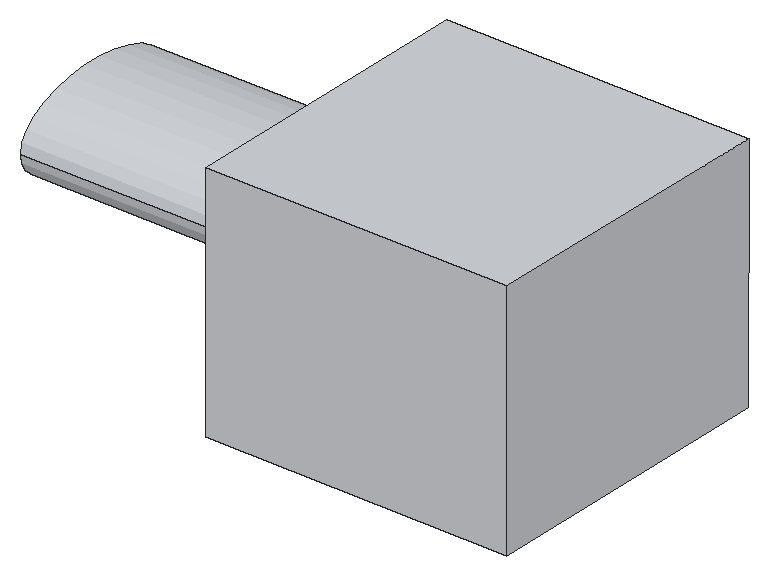
Revit family "DuctAccessories_FireDamper_Kilargo_IFD-CE1", category Duct Accessories, Revit 2014
Parameters
  SpigotWidth [instance] = 150 mm
  SpigotHeight [instance] = 75 mm
  DamperWidth [instance] = 250 mm
  SpigotOffsetVertical [instance] = 120 mm
  SpigotLength [instance] = 193.402 mm
  OffsetHelp2 [instance] = OffsetHelp1 - DamperOffsetVertical  # 850 mm
  OffsetHelp1 [instance] = 1000 mm
  DamperHeight = 200 mm
  DamperOffsetVertical [instance] = 150 mm
  DamperLength [instance] = 250 mm
Reference planes
  plane 1 "Center (Front/Back)": y = 0
  plane 2: z = 0
  plane 3 "Center (Left/Right)": x = 0
  plane 4: y = 125
  plane 5: y = -125
  plane 6: x = -125
  plane 7: x = 125
  plane 8 "Baseplane": z = 150
  plane 9: z = 270
  plane 10: x = -318.402
  plane 11: z = 1000
  plane 12 "Top": z = 350
Forms (mm)
  Extrusion 1, solid
    sketch origin (-382.705, -1524, 150) x (-1, 0, 0) y (0, -1, 0)
      loop
        line (-507.705, -1399) -> (-507.705, -1649) -> (-257.705, -1649) -> (-257.705, -1399) -> (-507.705, -1399)
    from 0 to 200
  Extrusion 2, solid
    sketch origin (0, 0, 0) x (0, 1, 0) y (0, 0, 1)
      loop
        spline (75, 270) -> (72.444, 279.706) -> (64.952, 288.75) -> (53.033, 296.517) -> (37.5, 302.476) -> (19.411, 306.222) -> (0, 307.5) -> (-19.411, 306.222) -> (-37.5, 302.476) -> (-53.033, 296.517) -> (-64.952, 288.75) -> (-72.444, 279.706) -> (-75, 270)
        spline (-75, 270) -> (-72.444, 260.294) -> (-64.952, 251.25) -> (-53.033, 243.483) -> (-37.5, 237.524) -> (-19.411, 233.778) -> (0, 232.5) -> (19.411, 233.778) -> (37.5, 237.524) -> (53.033, 243.483) -> (64.952, 251.25) -> (72.444, 260.294) -> (75, 270)
    from -318.402 to -125
Dimensions and locks
  equal spacing: plane 6, plane 3 "Center (Left/Right)", plane 7
  equal spacing: plane 4, plane 1 "Center (Front/Back)", plane 5
  "DamperWidth": plane 6 to plane 7
  "DamperLength": plane 4 to plane 5
  "SpigotLength": plane 10 to plane 6
  "SpigotOffsetVertical": plane 9 to plane 8 "Baseplane"
  "OffsetHelp1": plane 11 to plane 2
  "OffsetHelp2": plane 11 to plane 8 "Baseplane"
  "SpigotHeight": Extrusion 2 sketch curve to Extrusion 2 sketch curve
  "SpigotWidth": Extrusion 2 sketch curve to Extrusion 2 sketch curve
  "DamperHeight": plane 12 "Top" to plane 8 "Baseplane"
  aligned and locked: level to plane 2
  aligned and locked: plane 5 to Extrusion 1 sketch curve
  aligned and locked: Extrusion 1 sketch curve to plane 7
  aligned and locked: Extrusion 1 sketch curve to plane 4
  aligned and locked: plane 6 to Extrusion 1 sketch curve
  aligned and locked: Extrusion 2 to plane 10
  aligned and locked: plane 6 to Extrusion 2
  aligned and locked: plane 12 "Top" to Extrusion 1
  aligned and locked: Extrusion 1 to plane 8 "Baseplane"
Automatic sketch dimensions
  Extrusion 2 sketch curve to plane 1 "Center (Front/Back)" = 0 mm
  Extrusion 2 sketch curve to plane 9 = 0 mm
Connectors
  hvac at (0, 0, 0), driven by "DamperLength", driven by "DamperWidth"
    settings: on plane 2, index 3, duct flow 0.0 L/s, flow factor 0, pres drop 0.0 Pa, loss coef 0, conn angle 0.00°, conn width 250 mm, conn height 250 mm, conn diameter 609.6 mm, duct sys type 3, conn prof type 1, flow config 0, flow direction 0, loss method 0, conn ref index -1, conn util no, is conn primary yes, conn desc ""
  hvac at (-125, 0, 270), driven by "SpigotWidth", driven by "SpigotHeight"
    settings: on Extrusion 2, index 4, duct flow 0.0 L/s, flow factor 0, pres drop 0.0 Pa, loss coef 0, conn angle 0.00°, conn width 150 mm, conn height 75 mm, conn diameter 609.6 mm, duct sys type 3, conn prof type 2, flow config 0, flow direction 0, loss method 0, conn ref index -1, conn util no, is conn primary no, conn desc ""
